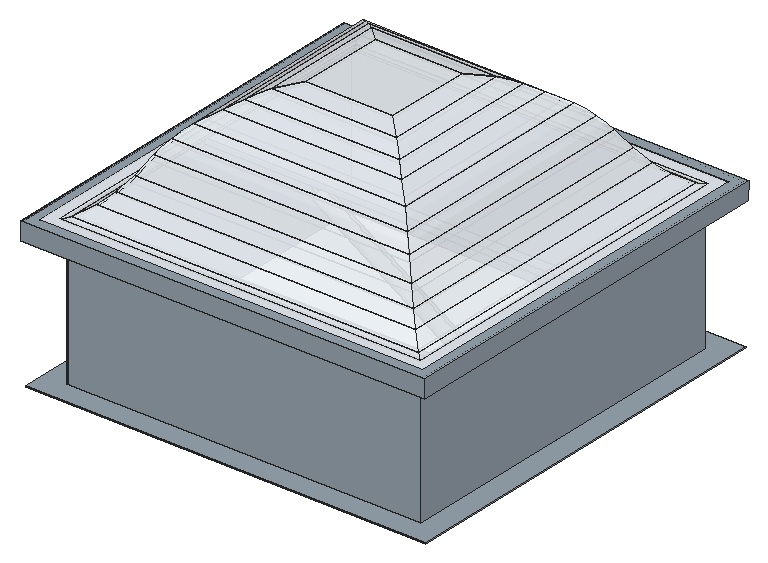
Revit family "Точечный зенитный фонарь (люк) M8CITY_Ф_st", category Окна, Revit 2017
Family settings
  Основа = Крыша
  Всегда вертикально = Нет
  При загрузке вырезать с полостями = Нет
  Общий = Нет
  Точка расчета площади = Нет
Parameters (values of type "Зенитный фонарь M8CITY Т-Ф-st")
  Электронный адрес Отдела продаж [instance] = "info@m8city.by"  # constant formula
  Ширина проёма ввод = 1200 mm
  Ширина проёма = Width  # 1200 mm
  Width = if(Ширина проёма ввод < 700 mm, 700 mm, if(Ширина проёма ввод > 1700 mm, 1700 mm, Ширина проёма ввод))  # 1200 mm
  Угол открывания [instance] = 0.00°
  Угол начальный [instance] = Угол открывания - 90.00°  # -90.00°
  Телефон [instance] = "+375 17 388 44 32, +7 495 946 99 02"  # constant formula
  Привод [instance] = 1
  Описание = "Точечный зенитный фонарь M8CITY с формованным куполом со стандартным обрамлением"  # constant formula
  МП7 = Купол зенитного фонаря Ф st : МП прозрачный 3+4 мм
  МП6 = Купол зенитного фонаря Ф st : МП прозрачный 3+3 мм
  МП4 = Купол зенитного фонаря Ф st : МП прозрачный 4 мм
  МП3 = Купол зенитного фонаря Ф st : МП прозрачный 3 мм
  ММ7 = Купол зенитного фонаря Ф st : МП молочный 3+4 мм
  ММ6 = Купол зенитного фонаря Ф st : МП молочный 3+3 мм
  ММ4 = Купол зенитного фонаря Ф st : МП молочный 4 мм
  ММ3 = Купол зенитного фонаря Ф st : МП молочный 3 мм
  Купол зенитного фонаря Ф st [instance] = 5
  Купол [instance] = if(Купол зенитного фонаря Ф st = 1, ММ3, if(Купол зенитного фонаря Ф st = 2, ММ4, if(Купол зенитного фонаря Ф st = 3, ММ6, if(Купол зенитного фонаря Ф st = 4, ММ7, if(Купол зенитного фонаря Ф st = 5, МП3, if(Купол зенитного фонаря Ф st = 6, МП4, if(Купол зенитного фонаря Ф st = 7, МП6, if(Купол зенитного фонаря Ф st = 8, МП7, ММ3))))))))  # Купол зенитного фонаря Ф st : МП прозрачный 3 мм
  Изготовитель = "ООО Завод М8 Сити Про"  # constant formula
  Длина проёма ввод = 1200 mm
  Длина проёма = Длина  # 1200 mm
  Длина = if(Длина проёма ввод < 700 mm, 700 mm, if(Длина проёма ввод > 1700 mm, 1700 mm, Длина проёма ввод))  # 1200 mm
  Высота основания = 500 mm
  Height = Высота основания + 73 mm  # 573 mm
  Видимость привода [instance] = and(Привод < 5, not(Привод = 2))  # yes
  Бренд [instance] = "M8CITY"  # constant formula
  URL = "www.m8city.by"
  230В [instance] = and(Привод < 5, or(Привод = 2, Привод = 4))  # no
Reference planes
  plane 1 "По центру (Вперед/Назад)": y = 0
  plane 2 "Крыша": z = 4000
  plane 3 "По центру (Влево/Вправо)": x = 0
  plane 4: x = -600
  plane 5: x = 600
  plane 6: y = 600
  plane 7: y = -600
  plane 8: z = 4152.4
  plane 9: z = 4652.4
  plane 10: z = 4725.4
  plane 11: z = 4622.4
  plane 12: z = 4932.4
  plane 13: x = -605
  plane 14: y = -605
  plane 15: x = 605
  plane 16: y = 605
  plane 17 "Ось петель": z = 4653.4
Forms (mm)
  Extrusion 1, solid, material "Сталь", detail levels coarse
    sketch origin (0, 0, 4000) x (1, 0, 0) y (0, 1, 0)
      loop
        line (-605, 605) -> (-605, -605) -> (605, -605) -> (605, 605) -> (-605, 605)
    from 152.4 to 652.4
  Sweep 2, solid, material "Сталь", detail levels medium+fine
    path origin (0, 0, 4000) x (1, 0, 0) y (0, 1, 0)
      loop
        line (-600, 600) -> (-600, -600) -> (600, -600) -> (600, 600) -> (-600, 600)
    profile origin (0, 600, 4000) x (0, 1, 0) y (0, 0, 1)
      loop
        line (0, 152.4) -> (80, 152.4) -> (80, 153.9) -> (1.5, 153.9) -> (1.5, 650.9) -> (78.5, 650.9) -> (78.5, 632.4) -> (80, 632.4) -> (80, 652.4) -> (0, 652.4) -> (0, 152.4)
  Blend 3, void, detail levels coarse
    base sketch origin (0, 0, 4000) x (1, 0, 0) y (0, 1, 0)
      loop
        circle (0, 0) r 300
    top sketch origin (0, 0, 4000) x (1, 0, 0) y (0, 1, 0)
      loop
        line (-600, 600) -> (-600, -600) -> (600, -600) -> (600, 600) -> (-600, 600)
    from 932.4 to 652.4
  Extrusion 4, void, detail levels coarse
    sketch origin (0, 0, 4000) x (1, 0, 0) y (0, 1, 0)
      loop
        line (-600, 600) -> (-600, -600) -> (600, -600) -> (600, 600) -> (-600, 600)
    from 152.4 to 652.4
  Revolve 5, solid, not visible
    sketch origin (0, 0, 4653.4) x (-1, 0, 0) y (0, -1, 0)
      loop
        line (-600, -33.736) -> (-600, 36.264) -> (-620, 36.264) -> (-620, -33.736) -> (-600, -33.736)
      axis (-600, 36.264) -> (-600, -33.736)
    angle from -90 <- "Угол начальный" to 0 <- "Угол открывания"
Cuts and joins
  Blend 3, Extrusion 4 cuts Extrusion 1
  Extrusion 4 cuts Sweep 2
Lines and regions (mm)
  Opening 1
    outline origin (0, 0, 4152.4) x (0, 1, 0) y (-1, 0, 0)
      loop
        line (600, 600) -> (-600, 600) -> (-600, -600) -> (600, -600) -> (600, 600)
Dimensions and locks
  equal spacing: host sketch curve, plane 3 "По центру (Влево/Вправо)", host sketch curve
  equal spacing: host sketch curve, plane 1 "По центру (Вперед/Назад)", host sketch curve
  equal spacing: plane 4, plane 3 "По центру (Влево/Вправо)", plane 5
  equal spacing: plane 6, plane 1 "По центру (Вперед/Назад)", plane 7
  "Ширина проёма": plane 4 to plane 5
  "Длина проёма": plane 6 to plane 7
  "Высота основания": plane 9 to plane 8
  "Height": plane 10 to host roof
  plane 10 to plane 9 = 73 mm
  locked: plane 9 to plane 11 at 30
  locked: plane 12 to plane 9 at 280
  plane 12 to plane 9 = 280 mm
  locked: plane 16 to plane 6 at 5
  locked: plane 5 to plane 15 at 5
  locked: plane 7 to plane 14 at 5
  locked: plane 13 to plane 4 at 5
  locked: plane 4 to nested 1 at 30
  locked: plane 9 to nested 1 at 17.5
  locked: plane 17 "Ось петель" to plane 9 at 1
  aligned and locked: level to plane 2 "Крыша"
  aligned and locked: plane 8 to host roof
  aligned and locked: Extrusion 1 to plane 8
  aligned and locked: plane 9 to Extrusion 1
  aligned and locked: Opening 1 sketch curve to plane 6
  aligned and locked: Opening 1 sketch curve to plane 5
  aligned and locked: Opening 1 sketch curve to plane 7
  aligned and locked: Opening 1 sketch curve to plane 4
  aligned and locked: Sweep 2 sketch curve to plane 6
  aligned and locked: Sweep 2 sketch curve to plane 5
  aligned and locked: Sweep 2 sketch curve to plane 7
  aligned and locked: Sweep 2 sketch curve to plane 4
  aligned and locked: Sweep 2 to plane 8
  aligned and locked: plane 9 to Sweep 2
  aligned and locked: Blend 3 sketch curve to plane 4
  aligned and locked: Blend 3 sketch curve to plane 6
  aligned and locked: Blend 3 sketch curve to plane 5
  aligned and locked: Blend 3 sketch curve to plane 7
  aligned and locked: plane 9 to Blend 3
  aligned and locked: plane 12 to Blend 3
  aligned and locked: Extrusion 1 sketch curve to plane 13
  aligned and locked: Extrusion 1 sketch curve to plane 16
  aligned and locked: Extrusion 1 sketch curve to plane 14
  aligned and locked: Extrusion 1 sketch curve to plane 15
  aligned and locked: Extrusion 4 sketch curve to plane 4
  aligned and locked: Extrusion 4 sketch curve to plane 7
  aligned and locked: Extrusion 4 sketch curve to plane 6
  aligned and locked: Extrusion 4 sketch curve to plane 5
  aligned and locked: cut or joined group of Extrusion 1, Blend 3, Extrusion 4 to plane 8
  aligned and locked: plane 9 to cut or joined group of Extrusion 1, Blend 3, Extrusion 4
  aligned and locked: plane 1 "По центру (Вперед/Назад)" to nested 1
  aligned and locked: Revolve 5 sketch curve to host roof
  aligned and locked: nested 2 to Revolve 5
  aligned and locked: plane 3 "По центру (Влево/Вправо)" to nested 3
  aligned and locked: nested 3 to plane 1 "По центру (Вперед/Назад)"
  aligned and locked: nested 3 to plane 8
Automatic sketch dimensions
  Sweep 2 sketch curve to profile plane = 0 mm
  Sweep 2 sketch curve to profile plane = 1.5 mm
  Sweep 2 sketch curve to profile plane = 78.5 mm
  Sweep 2 sketch curve to Sweep 2 sketch curve = 78.5 mm
  Sweep 2 sketch curve to Sweep 2 sketch curve = 1.5 mm  (x3)
  level to Sweep 2 sketch curve = 152.4 mm
  Sweep 2 sketch curve to Sweep 2 sketch curve = 478.5 mm
  Sweep 2 sketch curve to Sweep 2 sketch curve = 18.5 mm
  plane 1 "По центру (Вперед/Назад)" to Blend 3 sketch curve = 0 mm
  Blend 3 sketch curve to plane 3 "По центру (Влево/Вправо)" = 0 mm
  Revolve 5 sketch curve to plane 5 = 0 mm
  Revolve 5 sketch curve to plane 6 = 0 mm
  Revolve 5 sketch curve to plane 7 = 0 mm
  plane 15 to Revolve 5 sketch curve = 15 mm
  Revolve 5 sketch curve to plane 1 "По центру (Вперед/Назад)" = 33.736 mm
  plane 1 "По центру (Вперед/Назад)" to Revolve 5 sketch curve = 36.264 mm
  radius of Blend 3 sketch curve = 300 mm
Nested families
  nested 1: "Привод 230В" at (-570, 0, 4564.9), visible <- "230В", type "Привод 230В", detail levels medium+fine
  nested 2: "Купол зенитного фонаря Ф st" at (0, -6.246, 4653.4), type "МП прозрачный 4 мм", detail levels medium+fine
  nested 3: "Привод" at (0, 0, 4152.4) x (0, 1, 0) z (0, 0, 1), visible <- "Видимость привода", type "Привод", detail levels medium+fine
Definition of nested family "Привод 230В"
  Parameters (values of type "Привод 230В")
    Ширина = 1340 mm
    Длина = 1210.736 mm
  Reference planes
    plane 1 "По центру (Вперед/Назад)": y = 0
    plane 2: z = 0
    plane 3 "По центру (Влево/Вправо)": x = 0
    plane 4: z = 70
    plane 5: z = -615
    plane 6: z = -185
    plane 7: z = 55
    plane 8: z = -20
    plane 9: y = 45
    plane 10: y = -45
    plane 11: x = -850
    plane 12: x = -670
    plane 13: y = 605.368
    plane 14: x = 670
    plane 15: y = -605.368
  Forms (mm)
    Extrusion 1, solid
      sketch origin (0, 0, 0) x (1, 0, 0) y (0, 0, 1)
        loop
          line (0, -20) -> (0, -185) -> (90, -185) -> (90, -65) -> (69.016, -20) -> (0, -20)
      from -45 to 45
    Extrusion 2, solid
      sketch origin (0, 0, 0) x (1, 0, 0) y (0, 0, 1)
        loop
          line (0, -185) -> (0, -410) -> (40, -410) -> (40, -185) -> (0, -185)
      from -20 to 20
    Revolve 3, solid
      sketch origin (0, 0, 0) x (1, 0, 0) y (0, 0, 1)
        loop
          line (65, -185) -> (65, -210) -> (68, -210) -> (68, -200) -> (73, -200) -> (73, -185) -> (65, -185)
        axis (65, -185) -> (65, -210)
      angle from 0 to 360
    Revolve 4, solid
      sketch origin (0, 0, 0) x (1, 0, 0) y (0, 0, 1)
        loop
          line (12.727, 55) -> (12.727, -20) -> (25.454, -20) -> (25.454, 55) -> (12.727, 55)
        axis (12.727, -20) -> (12.727, 55)
      angle from 0 to 360
    Revolve 5, solid
      sketch origin (0, 0, 0) x (1, 0, 0) y (0, 0, 1)
        loop
          line (12.727, 55) -> (15.227, 55) -> (15.227, 70) -> (12.727, 70) -> (12.727, 55)
        axis (12.727, 70) -> (12.727, 55)
      angle from 0 to 360
    Extrusion 6, solid
      sketch origin (0, 0, 0) x (1, 0, 0) y (0, 0, 1)
        loop
          circle (12.727, 0) r 6
      from -20 to 20
  Dimensions and locks
    plane 4 to plane 2 = 70 mm
    locked: plane 2 to plane 6 at 185
    locked: plane 6 to plane 5 at 430
    locked: plane 7 to plane 2 at 55
    locked: plane 2 to plane 8 at 20
    locked: Extrusion 1 sketch curve to Extrusion 1 sketch curve at 90
    locked: plane 1 "По центру (Вперед/Назад)" to plane 9 at 45
    locked: plane 10 to plane 1 "По центру (Вперед/Назад)" at 45
    plane 1 "По центру (Вперед/Назад)" to Extrusion 2 = 20 mm
    Extrusion 2 to plane 1 "По центру (Вперед/Назад)" = 20 mm
    equal spacing: plane 12, plane 3 "По центру (Влево/Вправо)", plane 14
    equal spacing: plane 13, plane 1 "По центру (Вперед/Назад)", plane 15
    "Ширина": plane 12 to plane 14
    "Длина": plane 13 to plane 15
    aligned and locked: level to plane 2
    aligned and locked: Extrusion 2 sketch curve to plane 3 "По центру (Влево/Вправо)"
    aligned and locked: plane 9 to Extrusion 1
    aligned and locked: Extrusion 1 to plane 10
  Automatic sketch dimensions
    Extrusion 1 sketch curve to plane 3 "По центру (Влево/Вправо)" = 0 mm
    Extrusion 1 sketch curve to plane 8 = 0 mm
    Extrusion 1 sketch curve to plane 6 = 0 mm
    Extrusion 1 sketch curve to Extrusion 1 sketch curve = 20.984 mm
    Extrusion 1 sketch curve to plane 8 = 45 mm
    Revolve 3 sketch curve to plane 6 = 0 mm  (x2)
    plane 3 "По центру (Влево/Вправо)" to Revolve 3 sketch curve = 65 mm
    Revolve 3 sketch curve to Revolve 3 sketch curve = 3 mm
    Revolve 3 sketch curve to Revolve 3 sketch curve = 8 mm
    Revolve 3 sketch curve to plane 6 = 15 mm
    Revolve 3 sketch curve to Revolve 3 sketch curve = 10 mm
    Revolve 3 sketch curve to Revolve 3 sketch curve = 0 mm  (x2)
    Revolve 4 sketch curve to plane 7 = 0 mm  (x2)
    Revolve 4 sketch curve to plane 8 = 0 mm  (x2)
    plane 3 "По центру (Влево/Вправо)" to Revolve 4 sketch curve = 12.727 mm
    Revolve 4 sketch curve to Revolve 4 sketch curve = 12.727 mm
    Revolve 4 sketch curve to Revolve 4 sketch curve = 0 mm
    Revolve 5 sketch curve to plane 7 = 0 mm  (x2)
    Revolve 5 sketch curve to plane 4 = 0 mm  (x2)
    plane 3 "По центру (Влево/Вправо)" to Revolve 5 sketch curve = 12.727 mm
    Revolve 5 sketch curve to Revolve 5 sketch curve = 2.5 mm
    Revolve 5 sketch curve to Revolve 5 sketch curve = 0 mm
    Extrusion 6 sketch curve to level = 0 mm
    plane 3 "По центру (Влево/Вправо)" to Extrusion 6 sketch curve = 12.727 mm
    Extrusion 2 sketch curve to plane 6 = 0 mm
    plane 3 "По центру (Влево/Вправо)" to Extrusion 2 sketch curve = 40 mm
    plane 5 to Extrusion 2 sketch curve = 205 mm
    radius of Extrusion 6 sketch curve = 6 mm
Definition of nested family "Купол зенитного фонаря Ф st"
  Parameters (values of type "МП прозрачный 4 мм")
    Width = 1200 mm
    Толщина заполнения = 4 mm
    Default Elevation = 1219.2 mm
    Материал заполнения = none
    Длина = 1200 mm
    Analytic Construction = "<Нет>"
  Types (8, lengths in mm): name | Толщина заполнения
    МП прозрачный 3 мм | 3
    МП прозрачный 3+3 мм | 6
    МП прозрачный 3+4 мм | 7
    МП прозрачный 4 мм | 4
    МП молочный 3 мм | 3
    МП молочный 3+3 мм | 6
    МП молочный 3+4 мм | 7
    МП молочный 4 мм | 4
  Reference planes
    plane 1 "По центру (Вперед/Назад)": y = 0
    plane 2: z = 0
    plane 3 "По центру (Влево/Вправо)": x = 0
    plane 4: x = -600
    plane 5: x = 600
    plane 6: y = 600
    plane 7: y = -600
    plane 8: y = 0
  Forms (mm)
    Extrusion 1, solid, detail levels medium+fine
      sketch origin (5, 0, 0) x (1, 0, 0) y (0, 0, 1)
        loop
          line (-600, -2) -> (-600, -20.1) -> (590, -20.1) -> (590, -2) -> (630, -2) -> (630, 0) -> (-640, 0) -> (-640, -2) -> (-600, -2)
      from -20 to 20
    Sweep 2, solid, material <- "Материал заполнения", detail levels medium+fine
      path origin (0, 0, 0) x (1, 0, 0) y (0, 1, 0)
        loop
          line (-600, 600) -> (-600, -600) -> (600, -600) -> (600, 600) -> (-600, 600)
      profile origin (0, 600, 0) x (0, 1, 0) y (0, 0, 1)
        loop
          line (9.266, 0) -> (77.656, 0) -> (77.656, 5.26) -> (12.656, 5.26)
          arc (12.656, 5.26) -> (1.009, 6.689) -> (-9.946, 10.892) r 48.169
          arc (-9.946, 10.892) -> (-34.497, 25.581) -> (-57.433, 42.683) r 281.926
          arc (-57.433, 42.683) -> (-75.941, 59.53) -> (-92.788, 78.038) r 266.547
          arc (-92.788, 78.038) -> (-111.39, 101.585) -> (-128.897, 125.957) r 656.736
          arc (-128.897, 125.957) -> (-148.009, 155.562) -> (-165.505, 186.15) r 656.736
          arc (-165.505, 186.15) -> (-180.248, 209.349) -> (-198.223, 230.144) r 187.528
          arc (-198.223, 230.144) -> (-218.327, 252.945) -> (-240.756, 273.465) r 283.713
          arc (-240.756, 273.465) -> (-267.025, 293.736) -> (-294.47, 312.385) r 549.717
          arc (-294.47, 312.385) -> (-316.027, 325.063) -> (-336.872, 338.881) r 465.611
          arc (-336.872, 338.881) -> (-361.718, 353.889) -> (-388.389, 365.348) r 211.075
          arc (-388.389, 365.348) -> (-420.132, 374.958) -> (-452.583, 381.806) r 385.82
          line (-452.583, 381.806) -> (-452.583, 374.719)
          arc (-452.583, 374.719) -> (-418.606, 366.141) -> (-385.642, 354.253) r 354.714
          arc (-385.642, 354.253) -> (-360.763, 342.716) -> (-336.85, 329.292) r 354.714
          arc (-336.85, 329.292) -> (-300.561, 306.384) -> (-264.873, 282.549) r 1666.045
          arc (-264.873, 282.549) -> (-257.033, 275.606) -> (-249.28, 268.565) r 837.021
          arc (-249.28, 268.565) -> (-222.725, 245.623) -> (-199.783, 219.068) r 241.01
          arc (-199.783, 219.068) -> (-179.163, 193.877) -> (-161.577, 166.482) r 282.615
          arc (-161.577, 166.482) -> (-142.791, 135.442) -> (-122.109, 105.632) r 582.173
          arc (-122.109, 105.632) -> (-108.876, 88.453) -> (-95.013, 71.778) r 582.173
          arc (-95.013, 71.778) -> (-61.08, 38.321) -> (-22.239, 10.713) r 297.344
          arc (-22.239, 10.713) -> (-7.051, 3.697) -> (9.266, 0) r 79.851
    Extrusion 3, solid, material <- "Материал заполнения", detail levels medium+fine
      sketch origin (0, 0, 0) x (1, 0, 0) y (0, 1, 0)
        loop
          line (-147.417, 147.417) -> (-147.417, -147.417) -> (147.417, -147.417) -> (147.417, 147.417) -> (-147.417, 147.417)
      from 374.719 to 381.806
    Sweep 4, solid, detail levels medium+fine
      path origin (0, 0, 0) x (1, 0, 0) y (0, 1, 0)
        loop
          line (-600, 600) -> (-600, -600) -> (600, -600) -> (600, 600) -> (-600, 600)
      profile origin (0, 600, 0) x (0, 1, 0) y (0, 0, 1)
        loop
          line (50, 5.26) -> (85, 5.26) -> (85, -52.74) -> (87, -52.74) -> (87, 7.26) -> (50, 7.26) -> (50, 5.26)
  Dimensions and locks
    equal spacing: plane 4, plane 3 "По центру (Влево/Вправо)", plane 5
    equal spacing: plane 6, plane 1 "По центру (Вперед/Назад)", plane 7
    "Width": plane 4 to plane 5
    "Длина": plane 6 to plane 7
    locked: plane 5 to Extrusion 1 at 5
    locked: Extrusion 1 to plane 4 at 5
    locked: Extrusion 1 to Extrusion 1 at 40
    aligned and locked: level to plane 2
    aligned and locked: Sweep 2 sketch curve to plane 6
    aligned and locked: Sweep 2 sketch curve to plane 5
    aligned and locked: Sweep 2 sketch curve to plane 7
    aligned and locked: Sweep 2 sketch curve to plane 4
    aligned and locked: Extrusion 3 sketch curve to Sweep 2  (x4)
    aligned and locked: Extrusion 3 to Sweep 2  (x2)
    aligned and locked: Sweep 4 sketch curve to plane 6
    aligned and locked: Sweep 4 sketch curve to plane 5
    aligned and locked: Sweep 4 sketch curve to plane 7
    aligned and locked: Sweep 4 sketch curve to plane 4
  Automatic sketch dimensions
    Extrusion 1 sketch curve to level = 0 mm
    Extrusion 1 sketch curve to plane 4 = 35 mm
    Extrusion 1 sketch curve to level = 2 mm  (x2)
    plane 4 to Extrusion 1 sketch curve = 5 mm
    Extrusion 1 sketch curve to plane 5 = 5 mm
    plane 5 to Extrusion 1 sketch curve = 35 mm
    Extrusion 1 sketch curve to Extrusion 1 sketch curve = 18.1 mm
    Sweep 2 sketch curve to Sweep 2 sketch curve = 0 mm  (x15)
    Sweep 2 sketch curve to level = 0 mm
    profile plane to Sweep 2 sketch curve = 1207.954 mm
    Sweep 2 sketch curve to level = 347.529 mm
    profile plane to Sweep 2 sketch curve = 815.877 mm
    Sweep 2 sketch curve to Sweep 2 sketch curve = 226.313 mm
    level to Sweep 2 sketch curve = 26.926 mm
    Sweep 2 sketch curve to Sweep 2 sketch curve = 67.25 mm
    level to Sweep 2 sketch curve = 1.225 mm
    Sweep 2 sketch curve to Sweep 2 sketch curve = 6.366 mm
    Sweep 2 sketch curve to Sweep 2 sketch curve = 64.14 mm
    Sweep 2 sketch curve to Sweep 2 sketch curve = 5.591 mm
    level to Sweep 2 sketch curve = 54.183 mm
    Sweep 2 sketch curve to Sweep 2 sketch curve = 101.536 mm
    Sweep 2 sketch curve to Sweep 2 sketch curve = 12.975 mm
    Sweep 2 sketch curve to Sweep 2 sketch curve = 27.633 mm
    Sweep 2 sketch curve to Sweep 2 sketch curve = 62.42 mm
    profile plane to Sweep 2 sketch curve = 69.291 mm
    Sweep 2 sketch curve to profile plane = 9.266 mm
    Sweep 2 sketch curve to Sweep 2 sketch curve = 3.39 mm
    Sweep 2 sketch curve to profile plane = 18.658 mm
    Sweep 2 sketch curve to profile plane = 112.536 mm
    Sweep 2 sketch curve to Sweep 2 sketch curve = 9.806 mm
    Sweep 2 sketch curve to Sweep 2 sketch curve = 7.706 mm
    Sweep 2 sketch curve to Sweep 2 sketch curve = 215.589 mm
    Sweep 2 sketch curve to Sweep 2 sketch curve = 67.465 mm
    Sweep 2 sketch curve to Sweep 2 sketch curve = 743.35 mm
    Sweep 2 sketch curve to level = 151.413 mm
    level to Sweep 2 sketch curve = 27.76 mm
    Sweep 2 sketch curve to Sweep 2 sketch curve = 48.169 mm
    Sweep 2 sketch curve to Sweep 2 sketch curve = 21.02 mm
    Sweep 2 sketch curve to Sweep 2 sketch curve = 25.868 mm
    Sweep 2 sketch curve to Sweep 2 sketch curve = 22.237 mm
    Sweep 2 sketch curve to Sweep 2 sketch curve = 90.94 mm
    Sweep 2 sketch curve to Sweep 2 sketch curve = 168.711 mm
    Sweep 2 sketch curve to Sweep 2 sketch curve = 11.846 mm
    Sweep 2 sketch curve to Sweep 2 sketch curve = 6.246 mm
    Sweep 2 sketch curve to Sweep 2 sketch curve = 208.576 mm
    Sweep 2 sketch curve to Sweep 2 sketch curve = 7.087 mm
    Sweep 2 sketch curve to Sweep 2 sketch curve = 186.142 mm
    Sweep 2 sketch curve to Sweep 2 sketch curve = 44.577 mm
    Sweep 2 sketch curve to Sweep 2 sketch curve = 390.632 mm
    Sweep 2 sketch curve to Sweep 2 sketch curve = 2.747 mm
    Sweep 2 sketch curve to Sweep 2 sketch curve = 42.38 mm
    Sweep 2 sketch curve to Sweep 2 sketch curve = 24.117 mm
    Sweep 2 sketch curve to Sweep 2 sketch curve = 8.525 mm
    Sweep 2 sketch curve to Sweep 2 sketch curve = 40.973 mm
    Sweep 2 sketch curve to Sweep 2 sketch curve = 1.559 mm
    Sweep 2 sketch curve to Sweep 2 sketch curve = 32.68 mm
    Sweep 2 sketch curve to Sweep 2 sketch curve = 6.788 mm
    level to Sweep 2 sketch curve = 5.26 mm
    Sweep 2 sketch curve to Sweep 2 sketch curve = 65 mm
    level to Sweep 4 sketch curve = 5.26 mm
    Sweep 4 sketch curve to profile plane = 85 mm
    Sweep 4 sketch curve to Sweep 4 sketch curve = 2 mm  (x2)
    Sweep 4 sketch curve to level = 52.74 mm
    Sweep 4 sketch curve to Sweep 4 sketch curve = 35 mm
Definition of nested family "Привод"
  Parameters (values of type "Привод")
    Ширина = 1200 mm
    Длина = 1200 mm
    Высота = 500 mm
  Reference planes
    plane 1 "По центру (Вперед/Назад)": y = 0
    plane 2: z = 0
    plane 3 "По центру (Влево/Вправо)": x = 0
    plane 4: y = 600
    plane 5: x = -600
    plane 6: x = 600
    plane 7: y = -600
    plane 8: z = 500
  Forms (mm)
    Sweep 1, solid
      path origin (0, 0, 0) x (0, 1, 0) y (0, 0, 1)
        loop
          line (-489.019, 0) -> (223.601, 449.528)
      profile origin (0, -132.709, 224.764) x (0, -0.533528, 0.845783) y (1, 0, 0)
        loop
          circle (0, 0) r 25
    Sweep 2, solid
      path origin (0, 0, 0) x (1, 0, 0) y (0, 1, 0)
        loop
          line (0, 600) -> (0, -600)
      profile origin (0, 0, 0) x (1, 0, 0) y (0, 0, 1)
        loop
          line (-25, 0) -> (-25, 61) -> (-45, 61) -> (-45, 59.5) -> (-26.5, 59.5) -> (-26.5, 1.5) -> (-45, 1.5) -> (-45, 0) -> (-25, 0)
        loop
          line (25, 0) -> (45, 0) -> (45, 1.5) -> (26.5, 1.5) -> (26.5, 59.5) -> (45, 59.5) -> (45, 61) -> (25, 61) -> (25, 0)
    Sweep 3, solid
      path origin (0, 0, 0) x (0, 1, 0) y (0, 0, 1)
        loop
          line (287.205, 489.272) -> (223.601, 449.528)
      profile origin (0, 255.403, 469.4) x (0, 0.529919, -0.848048) y (1, 0, 0)
        loop
          circle (-0.107, -0.041) r 5
  Dimensions and locks
    equal spacing: plane 5, plane 3 "По центру (Влево/Вправо)", plane 6
    "Ширина": plane 5 to plane 6
    equal spacing: plane 4, plane 1 "По центру (Вперед/Назад)", plane 7
    "Длина": plane 4 to plane 7
    "Высота": plane 8 to level
    aligned and locked: level to plane 2
    aligned and locked: Sweep 2 sketch curve to plane 3 "По центру (Влево/Вправо)"
    aligned and locked: Sweep 1 to Sweep 3 sketch curve
  Automatic sketch dimensions
    Sweep 1 sketch curve to plane 3 "По центру (Влево/Вправо)" = 0 mm
    Sweep 1 sketch curve to profile plane = 0 mm
    Sweep 2 sketch curve to plane 7 = 0 mm
    Sweep 2 sketch curve to plane 4 = 0 mm
    Sweep 2 sketch curve to level = 0 mm  (x2)
    profile plane to Sweep 2 sketch curve = 45 mm  (x2)
    level to Sweep 2 sketch curve = 1.5 mm  (x2)
    Sweep 2 sketch curve to Sweep 2 sketch curve = 18.5 mm  (x3)
    Sweep 2 sketch curve to Sweep 2 sketch curve = 1.5 mm  (x4)
    Sweep 2 sketch curve to profile plane = 25 mm
    Sweep 2 sketch curve to Sweep 2 sketch curve = 58 mm
    Sweep 2 sketch curve to Sweep 2 sketch curve = 0 mm
    Sweep 1 sketch curve to level = 0 mm
    plane 7 to Sweep 1 sketch curve = 110.981 mm
    Sweep 1 sketch curve to plane 8 = 50.472 mm
    Sweep 1 sketch curve to plane 4 = 376.399 mm
    Sweep 3 sketch curve to plane 3 "По центру (Влево/Вправо)" = 0.041 mm
    profile plane to Sweep 3 sketch curve = 0.107 mm
    Sweep 3 sketch curve to plane 8 = 50.472 mm
    Sweep 3 sketch curve to plane 8 = 10.728 mm
    Sweep 3 sketch curve to Sweep 3 sketch curve = 63.604 mm
    radius of Sweep 1 sketch curve = 25 mm
    radius of Sweep 3 sketch curve = 5 mm
